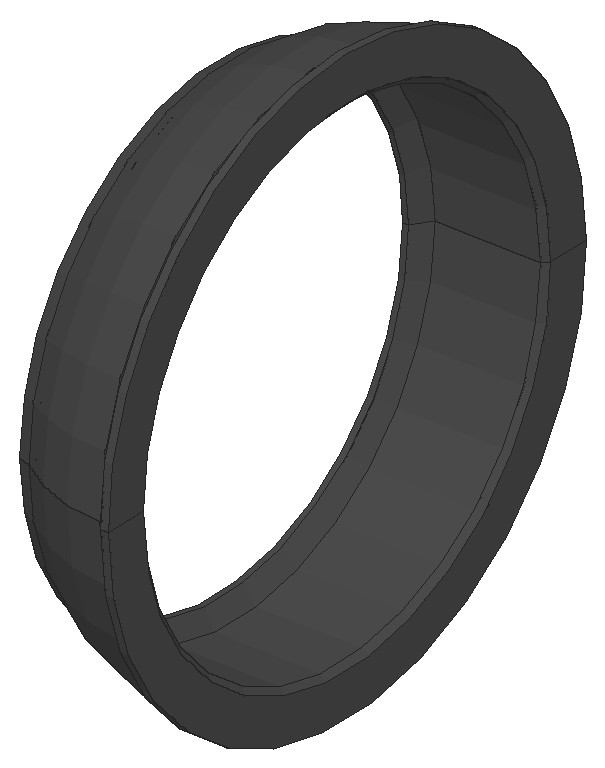
Revit family "FoFo_BO_Junta", category Pipe Accessories, Revit 2025
Family settings
  Round Connector Dimension = Use Radius
  Part Type = Normal
  OmniClass Number = 23.60.30.11.14
  OmniClass Title = Pipework Fittings
  Work Plane-Based = Yes
  Always vertical = No
  Cut with Voids When Loaded = No
  Shared = Yes
Parameters (values of type "JGS_0400")
  Manufacturer = "SGC"
  Loss Method = K Coefficient from Table
  K Coefficient Table = "Tee"
  Description = "Bolsas JGS - JTI - JTE"
  Default Elevation = 0.0 mm
  DN = "400"
  Bolsa_RL = 0.5 * Bolsa_DL  # 200.0 mm
  Material_Conexao = FOFO
  Bolsa_DL = 400.0 mm
  Bolsa_Borde3 = Bolsa_Borde1 * 1.1  # 7.7 mm
  Bolsa_Borde1 = 7.0 mm
  Bolsa_RI = 0.5 * Bolsa_DI  # 216.0 mm
  Bolsa_RE = 0.5 * Bolsa_DE  # 214.5 mm
  Bolsa_RB = 0.5 * Bolsa_DB  # 258.5 mm
  Bolsa_Borde2 = Bolsa_Borde1 * 2  # 14.0 mm
  Bolsa_P = 112.0 mm
  Bolsa_E2 = 0.5 * Bolsa_E  # 3.0 mm
  Bolsa_E = 6.0 mm
  Bolsa_DI = 432.0 mm
  Bolsa_DE = 429.0 mm
  Bolsa_DB = 517.0 mm
Types (16, lengths in mm): name | DN | Bolsa_RL | Bolsa_DL | Bolsa_RI | Bolsa_RE | Bolsa_RB | Bolsa_P | Bolsa_DI | Bolsa_DE | Bolsa_DB
  JGS_1200 | "1200" | 600.0 | 1200.0 | 629.0 | 627.5 | 706.0 | 167.0 | 1258.0 | 1255.0 | 1412.0
  JGS_1000 | "1000" | 500.0 | 1000.0 | 525.5 | 524.0 | 595.5 | 157.0 | 1051.0 | 1048.0 | 1191.0
  JGS_0900 | "900" | 450.0 | 900.0 | 474.0 | 472.5 | 541.0 | 147.0 | 948.0 | 945.0 | 1082.0
  JGS_0800 | "800" | 400.0 | 800.0 | 422.5 | 421.0 | 487.0 | 147.0 | 845.0 | 842.0 | 974.0
  JGS_0700 | "700" | 350.0 | 700.0 | 370.5 | 369.0 | 431.5 | 147.0 | 741.0 | 738.0 | 863.0
  JGS_0600 | "600" | 300.0 | 600.0 | 319.0 | 317.5 | 369.5 | 122.0 | 638.0 | 635.0 | 739.0
  JGS_0500 | "500" | 250.0 | 500.0 | 267.5 | 266.0 | 315.0 | 117.0 | 535.0 | 532.0 | 630.0
  JGS_0450 | "450" | 225.0 | 450.0 | 241.5 | 240.0 | 287.5 | 115.0 | 483.0 | 480.0 | 575.0
  JGS_0400 | "400" | 200.0 | 400.0 | 216.0 | 214.5 | 258.5 | 112.0 | 432.0 | 429.0 | 517.0
  JGS_0350 | "350" | 175.0 | 350.0 | 190.5 | 189.0 | 232.5 | 110.0 | 381.0 | 378.0 | 465.0
  JGS_0300 | "300" | 150.0 | 300.0 | 164.5 | 163.0 | 205.0 | 107.0 | 329.0 | 326.0 | 410.0
  JGS_0250 | "250" | 125.0 | 250.0 | 138.5 | 137.0 | 176.5 | 105.0 | 277.0 | 274.0 | 353.0
  JGS_0200 | "200" | 100.0 | 200.0 | 112.5 | 111.0 | 148.0 | 106.0 | 225.0 | 222.0 | 296.0
  JGS_0150 | "150" | 75.0 | 150.0 | 86.5 | 85.0 | 121.5 | 100.0 | 173.0 | 170.0 | 243.0
  JGS_0100 | "100" | 50.0 | 100.0 | 60.5 | 59.0 | 94.5 | 94.0 | 121.0 | 118.0 | 189.0
  JGS_0080 | "80" | 40.0 | 80.0 | 50.5 | 49.0 | 84.0 | 92.0 | 101.0 | 98.0 | 168.0
Reference planes
  plane 1 "EixoP": y = 0
  plane 2: z = 0
  plane 3 "EixoS": x = 2618.25
  plane 4: x = 2730.25
  plane 5: y = 258.5
  plane 6: y = 216
  plane 7: y = 214.5
  plane 8: y = 200
Forms (mm)
  Revolve 1, solid, material "FOFO" <- "Material_Conexao"
    sketch origin (-3000, 0, 0) x (1, 0, 0) y (0, 1, 0)
      loop
        arc (5716.25, 250.8) -> (5670.117, 241.457) -> (5628.857, 218.804) r 156.302
        line (5628.857, 218.804) -> (5618.25, 214.5) -> (5618.25, 200.5) -> (5623.25, 200.5) -> (5633.25, 216) -> (5725.25, 216) -> (5730.25, 221) -> (5730.25, 258.5) -> (5723.25, 258.5) -> (5716.25, 250.8)
      axis (5618.25, 0) -> (5730.25, 0)
    angle from 0 to 360
Lines and regions (mm)
  model lines, style "InvisibleLines"
    curve 1: line (2731.572, 0, 0) -> (2618.25, 0, 0)
    curve 2: line (2618.25, 0, 200.5) -> (2618.25, 0, -200.5)
Dimensions and locks
  "Bolsa_Borde1": Revolve 1 sketch curve to Revolve 1 sketch curve
  "Bolsa_Borde2": Revolve 1 sketch curve to Revolve 1 sketch curve
  "Bolsa_Borde3": Revolve 1 sketch curve to Revolve 1 sketch curve
  "Bolsa_P": plane 3 "EixoS" to Revolve 1 sketch curve
  "Bolsa_P": plane 4 to plane 3 "EixoS"
  "Bolsa_RB": plane 5 to plane 1 "EixoP"
  "Bolsa_RI": plane 6 to plane 1 "EixoP"
  "Bolsa_RE": plane 7 to plane 1 "EixoP"
  "Bolsa_RL": plane 8 to plane 1 "EixoP"
  aligned and locked: Revolve 1 sketch curve to plane 1 "EixoP"
  aligned and locked: Revolve 1 sketch curve to plane 5
  aligned and locked: plane 6 to Revolve 1 sketch curve
  aligned and locked: curve 1 to plane 1 "EixoP"
  aligned and locked: curve 2 to plane 1 "EixoP"
Automatic sketch dimensions
  Revolve 1 sketch curve to plane 3 "EixoS" = 0.0 mm  (x2)
  Revolve 1 sketch curve to plane 7 = 0.0 mm
  plane 8 to Revolve 1 sketch curve = 0.5 mm
  plane 3 "EixoS" to Revolve 1 sketch curve = 5.0 mm
  plane 6 to Revolve 1 sketch curve = 2.804 mm
  plane 3 "EixoS" to Revolve 1 sketch curve = 10.607 mm
  Revolve 1 sketch curve to Revolve 1 sketch curve = 4.393 mm
  Revolve 1 sketch curve to plane 4 = 6.397 mm
  Revolve 1 sketch curve to plane 4 = 5.0 mm
  plane 6 to Revolve 1 sketch curve = 5.0 mm
  plane 4 to Revolve 1 sketch curve = 9.153 mm
  curve 1 to plane 3 "EixoS" = 0.0 mm
  plane 4 to curve 1 = 1.322 mm
  curve 2 to level = 200.5 mm
  level to curve 2 = 200.5 mm
